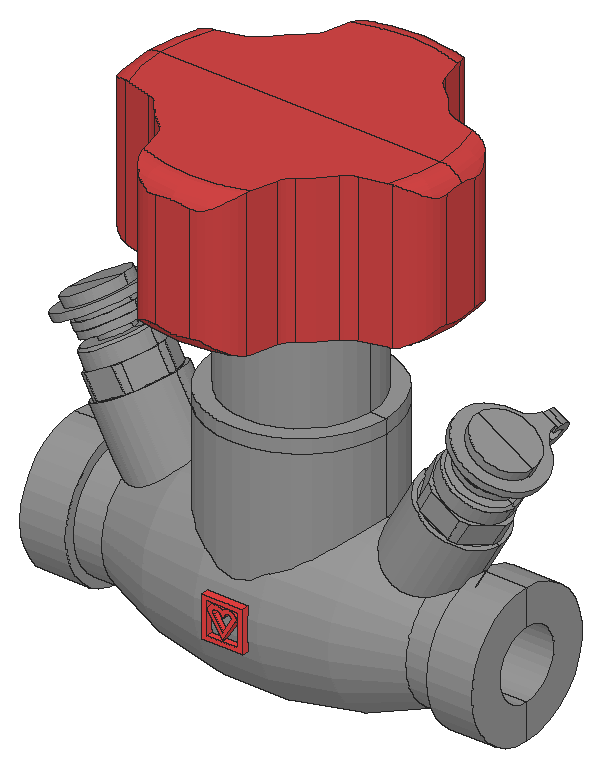
Revit family "Strangregulierventil für Differenzdruckmessung, Geradsitzform 4217 GM (LF-MF)", category Rohrzubehör, Revit 2021
Family settings
  Bemaßung runder Anschluss = Durchmesser verwenden
  Teiletyp = Unterbricht
  OmniClass-Nummer = 23.65.55.14
  OmniClass-Titel = Valves for Liquid Services
  Arbeitsebenenbasiert = Nein
  Immer vertikal = Ja
  Beim Laden mit Abzugskörper schneiden = Nein
  Gemeinsam genutzt = Nein
Parameters (values of type "MF")
  kvs-Wert [instance] = if(and(LF, Nennweite = 15.00 mm), 0.93, if(and(MF, Nennweite = 15.00 mm), 3.49, 0))  # 3.49
  W02 = 60.00°  # constant formula
  W01 = 30.00°  # constant formula
  Vorgabe-Ansicht = 0.00 mm
  URL = "www.herz-armaturen.at"
  SC_NennweiteBerechnet = 0
  SC_Dimension = ""
  SCRNSEQ = "ARM;ARM_TYP=\"STRV\";2"
  SCRNCODE = "05;07;02"  # constant formula
  S02 = 60.00 mm  # constant formula
  S01 [instance] = H00 + H01  # 68.20 mm
  R01 [instance] = 21.00 mm  # constant formula
  Nennweite [instance] = 15.00 mm
  Medium = "Heizwasserqualität entsprechend ÖNORM H 5195 bzw. VDI-Richtlinie 2035.\r\nDie Verwendung von Ethylen- und Propylenglykol ist im Mischungsverhältnis 25 - 50 Vol. % zulässig."
  Max. Betriebstemperatur (bis DN32) = 130 °C  # constant formula
  Max. Betriebstemperatur (ab DN40) = 110 °C  # constant formula
  Max. Betriebsdruck = 1600000.0 Pa  # constant formula
  ML02 [instance] = 30.20 mm  # constant formula
  ML01 [instance] = 20.67 mm  # constant formula
  MF [instance] = yes
  MD01 = 9.50 mm  # constant formula
  LF [instance] = no
  L02 [instance] = 10.00 mm  # constant formula
  L01 [instance] = 16.30 mm  # constant formula
  L00 [instance] = 100.00 mm  # constant formula
  IG [instance] = Nennweite / 2  # 7.50 mm
  Hersteller = "HERZ Armaturen Ges.m.b.H."  # constant formula
  H04 [instance] = 2.50 mm  # constant formula
  H03 = 10.00 mm  # constant formula
  H02 [instance] = 3.00 mm  # constant formula
  H01 [instance] = 33.30 mm  # constant formula
  H00 [instance] = 34.90 mm  # constant formula
  Gewicht [instance] = if(and(LF, Nennweite = 15.00 mm), "0.86 kg", if(and(MF, Nennweite = 15.00 mm), "0.89 kg", "0 kg"))  # "0.89 kg"
  Gehäuse = "DZR-Messing"  # constant formula
  GT [instance] = 15.00 mm  # constant formula
  Einbaulage = "Bedingt durch die senkrecht zur Ventilachse angeordnete, nichtsteigende Ventilspindel ist für jede Einbaulage optimale Zugängigkeit und Bedienbarkeit des Ventils gewährleistet."
  Differenzdruckmessung = "STRÖMAX-GM Strangregulierventil ist mit zwei Messventilen ausgestattet.\r\nBei Verwendung eines geeigneten Messgerätes kann der Differenzdruck gemessen und dadurch die jeweilige Durchflussmenge in Abhängigkeit der Einstellstufe ermittelt werden.\r\nAm HERZ-Messcomputer (1 8900 05) ist außerdem direkt die jeweilige Durchflussmenge ablesbar."
  DN50-DN80 [instance] = H00 + H01  # 68.20 mm
  DN15-DN40 [instance] = H00 + H01  # 68.20 mm
  DN15 [instance] = Nennweite = 15.00 mm  # yes
  D06 [instance] = 15.40 mm  # constant formula
  D05 [instance] = 13.15 mm  # constant formula
  D04 = 9.00 mm  # constant formula
  D03 [instance] = 19.00 mm  # constant formula
  D02 [instance] = 15.25 mm  # constant formula
  D01 [instance] = 13.20 mm  # constant formula
  Bestellnummer [instance] = if(and(LF, Nennweite = 15.00 mm), 1421730, if(and(MF, Nennweite = 15.00 mm), 1421731, 0))  # 1421731
  Ausführung = "STRÖMAX-GM Strangregulierventil mit Messventilen, 1/2′′ – 3′′\r\nGeradesitzform, gelbe Ausführung, Muffe x Muffe, nichtsteigende Spindel, Spindelabdichtung durch Doppel-O-Ring,Voreinstellung durch Hubbegrenzung mittels Innenspindel, digitale Anzeige der Voreinstellstufe im Handradfenster.\r\n2 Messventile sind neben dem Handrad montiert."
  Anwendungen = "Zum hydraulischen Abgleich in Heiz- oder Kühlanlagen, Einregulieren von Verteilleitungen, Strängen, Wärmetauschern, Heiz- und Kühlregistern."
Types (3, lengths in mm): name | kvs-Wert | MF | LF | Gewicht | Bestellnummer
  (no name) | 3.49 | yes | no | "0.89 kg" | 1421731
  LF | 0.93 | no | yes | "0.86 kg" | 1421730
  MF | 3.49 | yes | no | "0.89 kg" | 1421731
Reference planes
  plane 1 "Mitte (Vorne/hinten)": y = 0
  plane 2: z = 0
  plane 3 "Mitte (Links/rechts)": x = 0
Forms (mm)
  Revolve 1, solid, material "Messing, weicher Gelbton, geschweißt", detail levels fine
    sketch origin (0, 0, 0) x (1, 0, 0) y (0, 0, 1)
      loop
        line (-50, 15.25) -> (-50, 7.5) -> (-35, 7.5) -> (-35, 0) -> (35, 0) -> (35, 7.5) -> (50, 7.5) -> (50, 15.25) -> (40, 15.25) -> (40, 13.2) -> (33.7, 13.2)
        arc (33.7, 13.2) -> (0, 21) -> (-33.7, 13.2) r 76.701
        line (-33.7, 13.2) -> (-40, 13.2) -> (-40, 15.25) -> (-50, 15.25)
      axis (-50, 0) -> (50, 0)
    angle from 0 to 360
  Revolve 2, solid, material "Messing, weicher Gelbton, geschweißt", detail levels fine
    sketch origin (0, 0, 0) x (1, 0, 0) y (0, 0, 1)
      loop
        line (20.67, 0) -> (35.77, 26.154) -> (27.543, 30.904) -> (12.443, 4.75) -> (20.67, 0)
      axis (20.67, 0) -> (35.77, 26.154)
    angle from 0 to 360
  Revolve 3, solid, material "Messing, weicher Gelbton, geschweißt", detail levels fine
    sketch origin (0, 0, 0) x (1, 0, 0) y (0, 0, 1)
      loop
        line (0, 0) -> (0, 34.9) -> (-19, 34.9) -> (-19, 0) -> (0, 0)
      axis (0, 34.9) -> (0, 0)
    angle from 0 to 360
  Revolve 4, solid, material "Messing, weicher Gelbton, geschweißt", detail levels fine
    sketch origin (0, 0, 0) x (-1, 0, 0) y (0, 0, 1)
      loop
        line (20.67, 0) -> (35.77, 26.154) -> (27.543, 30.904) -> (12.443, 4.75) -> (20.67, 0)
      axis (20.67, 0) -> (35.77, 26.154)
    angle from 0 to 360
  Revolve 5, solid, material "Messing, weicher Gelbton, geschweißt", detail levels fine
    sketch origin (0, 0, 0) x (1, 0, 0) y (0, 0, 1)
      loop
        line (0, 34.9) -> (0, 68.2) -> (-9, 68.2) -> (-9, 58.2) -> (-13.15, 58.2) -> (-13.15, 55.7) -> (-15.4, 55.7) -> (-15.4, 37.9) -> (-19, 37.9) -> (-19, 34.9) -> (0, 34.9)
      axis (0, 68.2) -> (0, 34.9)
    angle from 0 to 360
Lines and regions (mm)
  model lines, detail levels coarse+medium
    curve 1: line (-50, 0, 15.25) -> (-50, 0, -15.25)
    curve 2: line (-50, 0, -15.25) -> (50, 0, 15.25)
    curve 3: line (50, 0, 15.25) -> (50, 0, -15.25)
    curve 4: line (50, 0, -15.25) -> (-50, 0, 15.25)
    curve 5: line (0, 0, 0) -> (39.375, 0, 68.2)
    curve 6: line (13.395, 0, 83.2) -> (65.356, 0, 53.2)
    curve 7: line (-50, 15.25, 0) -> (-50, -15.25, 0)
    curve 8: line (-50, -15.25, 0) -> (50, 15.25, 0)
    curve 9: line (50, 15.25, 0) -> (50, -15.25, 0)
    curve 10: line (50, -15.25, 0) -> (-50, 15.25, 0)
    curve 11: line (0, 0, 0) -> (39.375, 68.2, 0)
    curve 12: line (13.395, 83.2, 0) -> (65.356, 53.2, 0)
Dimensions and locks
  "IG": Revolve 1 sketch curve to plane 2
  "GT": Revolve 1 sketch curve to Revolve 1 sketch curve  (x2)
  "IG": Revolve 1 sketch curve to Revolve 1 sketch curve
  "D01": Revolve 1 sketch curve to Revolve 1 sketch curve  (x2)
  "R01": Revolve 1 sketch curve to Revolve 1 sketch curve
  "L02": Revolve 1 sketch curve to Revolve 1 sketch curve  (x2)
  "L01": Revolve 1 sketch curve to Revolve 1 sketch curve  (x2)
  "D02": Revolve 1 sketch curve to plane 2  (x2)
  equal spacing: Revolve 1 sketch curve, plane 3 "Mitte (Links/rechts)", Revolve 1 sketch curve
  "L00": Revolve 1 sketch curve to Revolve 1 sketch curve
  "R01": nested 1 to plane 1 "Mitte (Vorne/hinten)"
  "ML01": Revolve 2 sketch curve to plane 3 "Mitte (Links/rechts)"
  "H00": Revolve 3 sketch curve to plane 2
  "D03": Revolve 3 sketch curve to Revolve 3 sketch curve
  "ML02": Revolve 2 sketch curve to Revolve 2 sketch curve
  "MD01": Revolve 2 sketch curve to Revolve 2 sketch curve  (x2)
  "ML02": Revolve 4 sketch curve to Revolve 4 sketch curve
  "MD01": Revolve 4 sketch curve to Revolve 4 sketch curve  (x2)
  "ML01": plane 3 "Mitte (Links/rechts)" to Revolve 4 sketch curve
  "H00": Revolve 5 sketch curve to plane 2
  "H01": Revolve 5 sketch curve to Revolve 5 sketch curve
  "D04": Revolve 5 sketch curve to Revolve 5 sketch curve
  "D03": Revolve 5 sketch curve to Revolve 5 sketch curve
  "D05": Revolve 5 sketch curve to Revolve 5 sketch curve
  "D06": Revolve 5 sketch curve to Revolve 5 sketch curve
  "H02": Revolve 5 sketch curve to Revolve 5 sketch curve
  "H03": Revolve 5 sketch curve to Revolve 5 sketch curve
  "H04": Revolve 5 sketch curve to Revolve 5 sketch curve
  "DN15-DN40": nested 2 to plane 2
  "D02": curve 4 to plane 2 to curve 2
  "D02": curve 3 to plane 2 to curve 4
  equal spacing: curve 1, plane 3 "Mitte (Links/rechts)", curve 3
  "L00": curve 1 to curve 3
  equal spacing: Revolve 1, curve 5, Revolve 1
  "S01": curve 5 to plane 2
  equal spacing: curve 6, curve 5, curve 6
  "S02": curve 6 to curve 6
  "D02": curve 8 to plane 1 "Mitte (Vorne/hinten)" to curve 10
  "D02": curve 10 to plane 1 "Mitte (Vorne/hinten)" to curve 9
  equal spacing: curve 7, plane 3 "Mitte (Links/rechts)", curve 9
  "L00": curve 7 to curve 9
  equal spacing: curve 7, curve 11, curve 9
  "S01": plane 1 "Mitte (Vorne/hinten)" to curve 11
  equal spacing: curve 12, curve 11, curve 12
  "S02": curve 12 to curve 12
  "W01": angle Revolve 2 sketch curve to plane 3 "Mitte (Links/rechts)"  (x2)
  "W01": angle plane 3 "Mitte (Links/rechts)" to Revolve 4 sketch curve  (x2)
  "W02": angle plane 2 to curve 5
  "W02": angle plane 1 "Mitte (Vorne/hinten)" to curve 11
  aligned and locked: level to plane 2
Automatic sketch dimensions
  Revolve 1 sketch curve to level = 0.00 mm  (x2)
  Revolve 1 sketch curve to Revolve 1 sketch curve = 1429.986 mm
  Revolve 1 sketch curve to Revolve 1 sketch curve = 1762.604 mm
  Revolve 2 sketch curve to level = 0.00 mm  (x2)
  Revolve 3 sketch curve to level = 0.00 mm
  Revolve 3 sketch curve to plane 3 "Mitte (Links/rechts)" = 0.00 mm  (x2)
  Revolve 3 sketch curve to Revolve 3 sketch curve = 366.045 mm
  Revolve 3 sketch curve to Revolve 3 sketch curve = 2179.415 mm
  Revolve 4 sketch curve to level = 0.00 mm  (x2)
  Revolve 5 sketch curve to plane 3 "Mitte (Links/rechts)" = 0.00 mm  (x2)
  Revolve 5 sketch curve to level = 366.045 mm
  Revolve 5 sketch curve to Revolve 5 sketch curve = 2146.115 mm
Nested families
  nested 1: "Herz-Logo-vorne" at (0, -21, 0) x (0, 1, 0) z (0, 0, 1), type "Herz-Logo-vorne", detail levels fine
  nested 2: "Strangregulierventil-Handrad-Gerade (Rot) DN15-DN40" at (0, 0, 68.2), visible <- "DN15", type "Strangregulierventil-Handrad-Gerade (Rot) DN15-DN40", detail levels fine
    with Nennweite 0.00 mm, Gewicht 0.00 kg, Bestellnummer 0
  nested 3: "Messstutzen_Band_Austritt_30Grad_(oben)" at (27.02, 0, 10.999), visible <- "DN15", type "Messstutzen_Band_Austritt_30Grad_(oben)", detail levels fine
    with Schutzkappe yes, Nennweite 0.00 mm, Gewicht 0.00 kg, Bestellnummer 0
  nested 4: "Messstutzen_Band_Eintritt_30Grad_(oben)" at (-27.02, 0, 10.999) x (-1, 0, 0) z (0, 0, 1), visible <- "DN15", type "Messstutzen_Band_Eintritt_30Grad_(oben)", detail levels fine
    with Schutzkappe yes, Nennweite 0.00 mm, Gewicht 0.00 kg, Bestellnummer 0
Connectors
  piping at (-35, 0, 0), diameter 15, driven by "Nennweite"
    settings: on Revolve 1, index 1, connector inside diameter 609.6 mm, connector length 0.00 mm, flow factor 0, pipe flow 0.0 L/s, pressure drop 0.0 Pa, fitting loss kfactor 0, connector angle 0.00°, fixture units 0, engagement length 0.00 mm, angle of deflection 0.00°, flow configuration 0, flow direction 1, fitting loss method 0, system type 29, joint type 0, gender type 0, connector reference index -1, connector utility 0, adjustable connector no, is connector primary yes, connector description ""
  piping at (35, 0, 0), diameter 15, driven by "Nennweite"
    settings: on Revolve 1, index 2, connector inside diameter 609.6 mm, connector length 0.00 mm, flow factor 0, pipe flow 0.0 L/s, pressure drop 0.0 Pa, fitting loss kfactor 0, connector angle 0.00°, fixture units 0, engagement length 0.00 mm, angle of deflection 0.00°, flow configuration 0, flow direction 2, fitting loss method 0, system type 29, joint type 0, gender type 0, connector reference index -1, connector utility 0, adjustable connector no, is connector primary no, connector description ""
Definition of nested family "Herz-Logo-vorne"
  Parameters (values of type "Herz-Logo-vorne")
    Default Elevation = 0.00 mm
  Reference planes
    plane 1 "Mitte (Vorne/hinten)": y = 0
    plane 2: z = 0
    plane 3 "Mitte (Links/rechts)": x = 0
  Forms (mm)
    Extrusion 1, solid
      sketch origin (0.732, -0.018, 0.017) x (0, -1, 0) y (0, 0, 1)
        loop
          line (-0.018, -4.517) -> (4.482, -4.517) -> (4.482, 4.483) -> (-4.518, 4.483) -> (-4.518, -4.517) -> (-0.018, -4.517)
        loop
          line (-0.05, -3.48) -> (3.482, -3.48) -> (3.482, 3.483) -> (-3.518, 3.483) -> (-3.518, -3.48) -> (-0.05, -3.48)
        loop
          arc (-0.018, 2.383) -> (-1.543, 3.287) -> (-3.067, 2.383) r 1.738
          arc (-3.067, 2.383) -> (-3.191, 1.899) -> (-3.067, 1.415) r 1.009
          line (-3.067, 1.415) -> (-0.018, -3.281) -> (3.032, 1.415)
          arc (3.032, 1.415) -> (3.156, 1.899) -> (3.032, 2.383) r 1.009
          arc (3.032, 2.383) -> (1.507, 3.287) -> (-0.018, 2.383) r 1.738
        loop
          arc (1.885, 1.272) -> (2.005, 1.675) -> (1.885, 2.079) r 0.74
          arc (1.885, 2.079) -> (1.265, 2.416) -> (0.644, 2.079) r 0.74
          line (0.644, 2.079) -> (-0.018, 0.97) -> (-0.679, 2.079)
          arc (-0.679, 2.079) -> (-1.3, 2.416) -> (-1.921, 2.079) r 0.74
          arc (-1.921, 2.079) -> (-2.04, 1.675) -> (-1.921, 1.272) r 0.74
          line (-1.921, 1.272) -> (-0.018, -1.658) -> (1.885, 1.272)
      from 0 to 1.5
  Dimensions and locks
    aligned and locked: level to plane 2
Definition of nested family "Strangregulierventil-Handrad-Gerade (Rot) DN15-DN40"
  Parameters (values of type "Strangregulierventil-Handrad-Gerade (Rot) DN15-DN40")
    Default Elevation = 0.00 mm
    URL = "www.herz-armaturen.at"
    Nennweite [instance] = 0.00 mm
    Manufacturer = "Herz Armaturen GmbH"  # constant formula
    Gewicht [instance] = 0.00 kg
    Bestellnummer [instance] = 0
  Reference planes
    plane 1 "Mitte (Vorne/hinten)": y = 0
    plane 2: z = 0
    plane 3 "Mitte (Links/rechts)": x = 0
  Forms (mm)
    Revolve 1, solid, detail levels fine
      sketch origin (0, 0, 0) x (1, 0, 0) y (0, 0, 1)
        loop
          line (0, 0) -> (0, 24.95) -> (-30.992, 24.95)
          arc (-30.992, 24.95) -> (-34.37, 23.636) -> (-35.973, 20.386) r 5
          line (-35.973, 20.386) -> (-37, 8.65) -> (-35.986, -2.936)
          arc (-35.986, -2.936) -> (-34.383, -6.186) -> (-31.005, -7.5) r 5
          line (-31.005, -7.5) -> (-15, -7.5) -> (-15, 0) -> (0, 0)
        axis (0, 24.95) -> (0, -7.5)
      angle from 0 to 360
    Extrusion 2, void
      sketch origin (0, 0, 20.3) x (1, 0, 0) y (0, 1, 0)
        loop
          line (3.861, 35.5) -> (-3.861, 35.5)
          arc (-3.861, 35.5) -> (-8.731, 33.847) -> (-11.589, 29.571) r 8
          line (-11.589, 29.571) -> (-13.284, 23.245)
          arc (-13.284, 23.245) -> (-13.982, 21.722) -> (-15.144, 20.516) r 5
          arc (-15.144, 20.516) -> (-18.031, 18.031) -> (-20.516, 15.144) r 25.5
          arc (-20.516, 15.144) -> (-21.722, 13.982) -> (-23.245, 13.284) r 5
          line (-23.245, 13.284) -> (-29.571, 11.589)
          arc (-29.571, 11.589) -> (-33.847, 8.731) -> (-35.5, 3.861) r 8
          line (-35.5, 3.861) -> (-35.5, -3.861)
          arc (-35.5, -3.861) -> (-33.847, -8.731) -> (-29.571, -11.589) r 8
          line (-29.571, -11.589) -> (-23.245, -13.284)
          arc (-23.245, -13.284) -> (-21.722, -13.982) -> (-20.516, -15.144) r 5
          arc (-20.516, -15.144) -> (-18.031, -18.031) -> (-15.144, -20.516) r 25.5
          arc (-15.144, -20.516) -> (-13.982, -21.722) -> (-13.284, -23.245) r 5
          line (-13.284, -23.245) -> (-11.589, -29.571)
          arc (-11.589, -29.571) -> (-8.731, -33.847) -> (-3.861, -35.5) r 8
          line (-3.861, -35.5) -> (3.861, -35.5)
          arc (3.861, -35.5) -> (8.731, -33.847) -> (11.589, -29.571) r 8
          line (11.589, -29.571) -> (13.284, -23.245)
          arc (13.284, -23.245) -> (13.982, -21.722) -> (15.144, -20.516) r 5
          arc (15.144, -20.516) -> (18.031, -18.031) -> (20.516, -15.144) r 25.5
          arc (20.516, -15.144) -> (21.722, -13.982) -> (23.245, -13.284) r 5
          line (23.245, -13.284) -> (29.571, -11.589)
          arc (29.571, -11.589) -> (33.847, -8.731) -> (35.5, -3.861) r 8
          line (35.5, -3.861) -> (35.5, 3.861)
          arc (35.5, 3.861) -> (33.847, 8.731) -> (29.571, 11.589) r 8
          line (29.571, 11.589) -> (23.245, 13.284)
          arc (23.245, 13.284) -> (21.722, 13.982) -> (20.516, 15.144) r 5
          arc (20.516, 15.144) -> (18.031, 18.031) -> (15.144, 20.516) r 25.5
          arc (15.144, 20.516) -> (13.982, 21.722) -> (13.284, 23.245) r 5
          line (13.284, 23.245) -> (11.589, 29.571)
          arc (11.589, 29.571) -> (8.731, 33.847) -> (3.861, 35.5) r 8
        loop
          circle (0, 0) r 38
      from -31.266 to 7.923
  Cuts and joins
    Extrusion 2 cuts Revolve 1
  Dimensions and locks
    Revolve 1 sketch curve to Revolve 1 sketch curve = 15.00 mm
    Revolve 1 sketch curve to Revolve 1 sketch curve = 16.15 mm
    Revolve 1 sketch curve to Revolve 1 sketch curve = 16.30 mm
    angle Revolve 1 sketch curve to Revolve 1 sketch curve = 95.00°
    aligned and locked: level to plane 2
Definition of nested family "Messstutzen_Band_Austritt_30Grad_(oben)"
  Parameters (values of type "Messstutzen_Band_Austritt_30Grad_(oben)")
    Default Elevation = 0.00 mm
    URL = "www.herz-armaturen.at"
    Schutzkappe [instance] = yes
    Nennweite [instance] = 0.00 mm
    Manufacturer = "Herz Armaturen GmbH"  # constant formula
    Gewicht [instance] = 0.00 kg
    Bestellnummer [instance] = 0
  Reference planes
    plane 1 "Mitte (Vorne/hinten)": y = 0
    plane 2: z = 0
    plane 3 "Mitte (Links/rechts)": x = 0
  Forms (mm)
    Revolve 1, solid, detail levels fine
      sketch origin (0, 0, 0) x (0.866025, 0, -0.5) y (0.5, 0, 0.866025)
        loop
          line (-7.4, 9) -> (-5.55, 9) -> (-5.55, 6)
          arc (-5.55, 6) -> (-5.626, 5.617) -> (-5.843, 5.293) r 1
          line (-5.843, 5.293) -> (-6.455, 4.681) -> (-6.455, 0.9) -> (-5.555, 0) -> (-2, 0) -> (-2, 17.5) -> (-8.4, 17.5)
          arc (-8.4, 17.5) -> (-7.693, 17.207) -> (-7.4, 16.5) r 1
          line (-7.4, 16.5) -> (-7.4, 9)
        loop
          line (-3.7, 27) -> (-7.3, 27) -> (-7.9, 26.4) -> (-7.9, 23) -> (-2, 23) -> (-2, 35.8) -> (-3.805, 35.8) -> (-4.415, 35.19) -> (-4.415, 30.863) -> (-3.7, 30.45) -> (-3.7, 27)
        axis (0, 0) -> (0, 35.8)
      angle from 0 to 360
    Extrusion 2, solid, detail levels fine
      sketch origin (8.75, 0, 15.155) x (0, 1, 0) y (-0.866025, 0, 0.5)
        loop
          arc (-7.07, 5.156) -> (-7.578, 4.375) -> (-8, 3.544) r 8.75
          line (-8, 3.544) -> (-8, -3.544)
          arc (-8, -3.544) -> (-7.578, -4.375) -> (-7.07, -5.156) r 8.75
          line (-7.07, -5.156) -> (-0.93, -8.7)
          arc (-0.93, -8.7) -> (0, -8.75) -> (0.93, -8.7) r 8.75
          line (0.93, -8.7) -> (7.07, -5.156)
          arc (7.07, -5.156) -> (7.578, -4.375) -> (8, -3.544) r 8.75
          line (8, -3.544) -> (8, 3.544)
          arc (8, 3.544) -> (7.578, 4.375) -> (7.07, 5.156) r 8.75
          line (7.07, 5.156) -> (0.93, 8.7)
          arc (0.93, 8.7) -> (0, 8.75) -> (-0.93, 8.7) r 8.75
          line (-0.93, 8.7) -> (-7.07, 5.156)
      from 0 to 5.5
    Revolve 3, solid, visible <- "Schutzkappe", detail levels fine
      sketch origin (0, 0, 0) x (0.866025, 0, -0.5) y (0.5, 0, 0.866025)
        loop
          line (0, 35.878) -> (0, 36.678) -> (-7, 36.678) -> (-7, 33.378) -> (-6.1, 33.378) -> (-6.1, 31.678) -> (-6.9, 31.678) -> (-6.9, 30.178) -> (-4.415, 30.178) -> (-4.415, 35.268) -> (-3.805, 35.878) -> (0, 35.878)
        axis (0, 30.178) -> (0, 36.678)
      angle from 0 to 360
    Extrusion 4, solid, detail levels fine
      sketch origin (14.25, 0, 24.682) x (0, 1, 0) y (0.866025, 0, -0.5)
        loop
          circle (0, 0) r 3.7
        loop
          arc (5.505, -3.906) -> (7.288, -2.358) -> (9.582, -1.8) r 5
          line (9.582, -1.8) -> (9.582, 1.8)
          arc (9.582, 1.8) -> (7.288, 2.358) -> (5.505, 3.906) r 5
          arc (5.505, 3.906) -> (-6.75, 0) -> (5.505, -3.906) r 6.75
      from 0 to -1.5
    Extrusion 5, solid, detail levels fine
      sketch origin (16.589, 0, 28.733) x (0, 1, 0) y (0.866025, 0, -0.5)
        loop
          circle (0, 0) r 6.1
        loop
          arc (8.652, -4.495) -> (10.493, -2.527) -> (13.089, -1.8) r 5
          line (13.089, -1.8) -> (13.089, 1.8)
          arc (13.089, 1.8) -> (10.493, 2.527) -> (8.652, 4.495) r 5
          arc (8.652, 4.495) -> (-9.75, 0) -> (8.652, -4.495) r 9.75
      from 0 to -1.5
    Sweep 6, solid, detail levels fine
      path origin (1.029, 0.159, 0.98) x (-0.5, 0, -0.866025) y (0, 1, 0)
        loop
          line (-27.75, 9.582) -> (-27.75, 14.522)
          arc (-27.75, 14.522) -> (-30.089, 16.862) -> (-32.428, 14.522) r 2.339
          line (-32.428, 14.522) -> (-32.428, 13.089)
      profile origin (14.904, 12.211, 25.012) x (0.5, 0, 0.866025) y (0.866025, 0, -0.5)
        loop
          line (-0.75, -1.8) -> (0.75, -1.8) -> (0.75, 1.8) -> (-0.75, 1.8) -> (-0.75, -1.8)
  Dimensions and locks
    aligned and locked: level to plane 2
Definition of nested family "Messstutzen_Band_Eintritt_30Grad_(oben)"
  Parameters (values of type "Messstutzen_Band_Eintritt_30Grad_(oben)")
    Default Elevation = 0.00 mm
    URL = "www.herz-armaturen.at"
    Schutzkappe [instance] = yes
    Nennweite [instance] = 0.00 mm
    Manufacturer = "Herz Armaturen GmbH"  # constant formula
    Gewicht [instance] = 0.00 kg
    Bestellnummer [instance] = 0
  Reference planes
    plane 1 "Mitte (Vorne/hinten)": y = 0
    plane 2: z = 0
    plane 3 "Mitte (Links/rechts)": x = 0
  Forms (mm)
    Revolve 1, solid, detail levels fine
      sketch origin (0, 0, 0) x (0.866025, 0, -0.5) y (0.5, 0, 0.866025)
        loop
          line (-7.4, 9) -> (-5.55, 9) -> (-5.55, 6)
          arc (-5.55, 6) -> (-5.626, 5.617) -> (-5.843, 5.293) r 1
          line (-5.843, 5.293) -> (-6.455, 4.681) -> (-6.455, 0.9) -> (-5.555, 0) -> (-2, 0) -> (-2, 17.5) -> (-8.4, 17.5)
          arc (-8.4, 17.5) -> (-7.693, 17.207) -> (-7.4, 16.5) r 1
          line (-7.4, 16.5) -> (-7.4, 9)
        loop
          line (-3.7, 27) -> (-7.3, 27) -> (-7.9, 26.4) -> (-7.9, 23) -> (-2, 23) -> (-2, 35.8) -> (-3.805, 35.8) -> (-4.415, 35.19) -> (-4.415, 30.863) -> (-3.7, 30.45) -> (-3.7, 27)
        axis (0, 0) -> (0, 35.8)
      angle from 0 to 360
    Extrusion 2, solid, detail levels fine
      sketch origin (8.75, 0, 15.155) x (0, 1, 0) y (-0.866025, 0, 0.5)
        loop
          arc (-7.07, 5.156) -> (-7.578, 4.375) -> (-8, 3.544) r 8.75
          line (-8, 3.544) -> (-8, -3.544)
          arc (-8, -3.544) -> (-7.578, -4.375) -> (-7.07, -5.156) r 8.75
          line (-7.07, -5.156) -> (-0.93, -8.7)
          arc (-0.93, -8.7) -> (0, -8.75) -> (0.93, -8.7) r 8.75
          line (0.93, -8.7) -> (7.07, -5.156)
          arc (7.07, -5.156) -> (7.578, -4.375) -> (8, -3.544) r 8.75
          line (8, -3.544) -> (8, 3.544)
          arc (8, 3.544) -> (7.578, 4.375) -> (7.07, 5.156) r 8.75
          line (7.07, 5.156) -> (0.93, 8.7)
          arc (0.93, 8.7) -> (0, 8.75) -> (-0.93, 8.7) r 8.75
          line (-0.93, 8.7) -> (-7.07, 5.156)
      from 0 to 5.5
    Revolve 3, solid, visible <- "Schutzkappe", detail levels fine
      sketch origin (0, 0, 0) x (0.866025, 0, -0.5) y (0.5, 0, 0.866025)
        loop
          line (0, 35.878) -> (0, 36.678) -> (-7, 36.678) -> (-7, 33.378) -> (-6.1, 33.378) -> (-6.1, 31.678) -> (-6.9, 31.678) -> (-6.9, 30.178) -> (-4.415, 30.178) -> (-4.415, 35.268) -> (-3.805, 35.878) -> (0, 35.878)
        axis (0, 30.178) -> (0, 36.678)
      angle from 0 to 360
    Extrusion 4, solid, detail levels fine
      sketch origin (14.25, 0, 24.682) x (0, 1, 0) y (0.866025, 0, -0.5)
        loop
          circle (0, 0) r 3.7
        loop
          arc (5.505, -3.906) -> (7.288, -2.358) -> (9.582, -1.8) r 5
          line (9.582, -1.8) -> (9.582, 1.8)
          arc (9.582, 1.8) -> (7.288, 2.358) -> (5.505, 3.906) r 5
          arc (5.505, 3.906) -> (-6.75, 0) -> (5.505, -3.906) r 6.75
      from 0 to -1.5
    Extrusion 5, solid, detail levels fine
      sketch origin (16.589, 0, 28.733) x (0, 1, 0) y (0.866025, 0, -0.5)
        loop
          circle (0, 0) r 6.1
        loop
          arc (8.652, -4.495) -> (10.493, -2.527) -> (13.089, -1.8) r 5
          line (13.089, -1.8) -> (13.089, 1.8)
          arc (13.089, 1.8) -> (10.493, 2.527) -> (8.652, 4.495) r 5
          arc (8.652, 4.495) -> (-9.75, 0) -> (8.652, -4.495) r 9.75
      from 0 to -1.5
    Sweep 6, solid, detail levels fine
      path origin (0.933, -0.183, 1.116) x (-0.5, 0, -0.866025) y (0, 1, 0)
        loop
          line (-27.75, 9.582) -> (-27.75, 14.522)
          arc (-27.75, 14.522) -> (-30.089, 16.862) -> (-32.428, 14.522) r 2.339
          line (-32.428, 14.522) -> (-32.428, 13.089)
      profile origin (14.808, 11.869, 25.148) x (0.5, 0, 0.866025) y (0.866025, 0, -0.5)
        loop
          line (-0.75, -1.8) -> (0.75, -1.8) -> (0.75, 1.8) -> (-0.75, 1.8) -> (-0.75, -1.8)
  Dimensions and locks
    aligned and locked: level to plane 2
